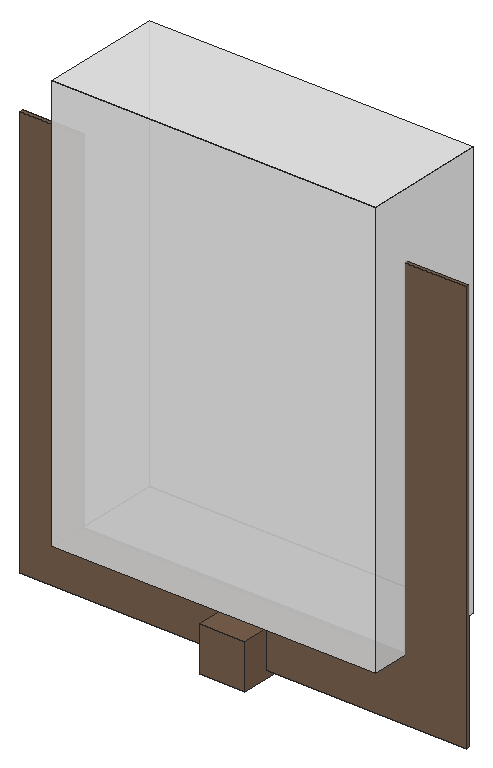
Revit family "3-523-xx Pathways Wall Sconce", category Lighting Fixtures, host Wall, Revit 2018
Family settings
  Host = Wall
  Round Connector Dimension = Use Diameter
  Part Type = Normal
  OmniClass Number = 23.80.70.00
  OmniClass Title = Lighting
  Always vertical = Yes
  Cut with Voids When Loaded = No
  Light Source = Yes
  Shared = No
  Room Calculation Point = No
Parameters (values of type "3-523-295 / Old World - Matte White Acrylic")
  Wattage Comments = "1 x 10.1 W at 120 V"  # constant formula
  Wattage = 9.2903 W
  built-in parameter 1150110 = 1 (stored number, unit not read)
  Voltage Input = "120 V or 277 V - 50/60 Hz"  # constant formula
  Voltage = 120 V
  URL = "www.oxygenlighting.com"
  built-in parameter 1114217 = 1 (stored number, unit not read)
  built-in parameter 1150109 = 1 (stored number, unit not read)
  built-in parameter 1150134 = (empty or 0)
  built-in parameter 1150113 = 1 (stored number, unit not read)
  References = "Ref. 3 = 120 V / Ref. 37 = 277 V"  # constant formula
  Model = "3-523-2xx / Wall Sconce"  # constant formula
  Metal Finish = 95 - Old World
  Manufacturer = "Oxygen Lighting and Fans"  # constant formula
  Main Diffuser = Matte White Acrylic
  Lumens = 1380 lm
  built-in parameter 1150115 = 1 (stored number, unit not read)
  built-in parameter 1150105 = 109.82 (stored number, unit not read)
  Light Source Symbol Size = 24.00"
  built-in parameter 1150137 = (empty or 0)
  built-in parameter 1150139 = (empty or 0)
  built-in parameter 1150112 = 1 (stored number, unit not read)
  built-in parameter 1150114 = 1 (stored number, unit not read)
  Lamp = "LED Array"  # constant formula
  built-in parameter 1150132 = 2
  built-in parameter 1150102 = (empty or 0)
  built-in parameter 1150138 = (empty or 0)
  built-in parameter 1150107 = 3000 (stored number, unit not read)
  built-in parameter 1150106 = 1.0982 (stored number, unit not read)
  built-in parameter 1150104 = 13.8 (stored number, unit not read)
  Dimming Lamp Color Temperature Shift = <None>
  Color Filter = 16777215
  built-in parameter 1114218 = 1 (stored number, unit not read)
  built-in parameter 1150133 = 10 (stored number, unit not read)
Types (2): name | Metal Finish
  3-523-295 / Old World - Matte White Acrylic | 95 - Old World
  3-523-224 / Satin Nickel - Matte White Acrylic | 24 - Satin Nickel
Reference planes (in)
  plane 1: y = 0
  plane 2 "Light Source Axis (L/R)": x = 4.92126
  plane 3 "Light Source Axis (F/R)": y = 5.90551
  plane 4 "Light Source Elevation": z = 39
  plane 5: y = 2.95276
  plane 6: z = 47.79911
Text (in)
  text "Placement side" at (-70.3598, 43.96769, 0), in view "Ref. Level"
  text "Placement side" at (0, 83.08644, 117.56134), in view "Left"
  text "Placement side" at (0, 24.74324, 118.58137), in view "Right"
Dimensions and locks (in)
  locked: plane 4 "Light Source Elevation" to plane 6 at 8.79911
  locked: plane 3 "Light Source Axis (F/R)" to plane 5 at 2.95276
  aligned and locked: plane 1 to host wall
  aligned and locked: plane 2 "Light Source Axis (L/R)" to imposter light
  aligned and locked: plane 3 "Light Source Axis (F/R)" to imposter light
  aligned and locked: plane 4 "Light Source Elevation" to imposter light
  aligned and locked: plane 5 to host wall
  aligned and locked: plane 2 "Light Source Axis (L/R)" to nested 1
  aligned and locked: nested 1 to plane 5
  aligned and locked: plane 6 to nested 1
Nested families (in)
  nested 1: "Base" at (4.92126, 2.95276, 36.32576), type "Base"
Connectors (in)
  electrical at (4.92126, 2.95276, 39), driven by "Voltage"
    settings: on nested 1, index 1, voltage 120 V, apparent load 0 VA, apparent load phase1 0 VA, apparent load phase2 0 VA, apparent load phase3 0 VA, power factor 1, load classification "Other", number of poles 1, system type 31, power factor state 1, is connector primary yes, connector utility no, sub classification motor no, connector description ""
Definition of nested family "Base"
  Parameters (values of type "Family1")
    Metal Finish = none
    Main Diffuser = none
  Reference planes (in)
    plane 1 "Center (Front/Back)": y = 0
    plane 2: z = 0
    plane 3 "Center (Left/Right)": x = 0
  Forms (in)
    Extrusion 1, solid, material <- "Main Diffuser"
      sketch origin (0, 0, 0) x (1, 0, 0) y (0, 1, 0)
        loop
          line (-6.815, 5.17595) -> (-6.815, 0) -> (6.815, 0) -> (6.815, 5.17595) -> (-6.815, 5.17595)
      from -6.12487 to 11.47335
    Extrusion 2, solid, material <- "Metal Finish"
      sketch origin (0, 0, 0) x (1, 0, 0) y (0, 0, 1)
        loop
          line (-6.815, 8.71285) -> (-9.40297, 8.71285) -> (-9.40297, -8.71285) -> (9.40297, -8.71285) -> (9.40297, 8.71285) -> (6.815, 8.71285) -> (6.815, -6.12487) -> (-6.815, -6.12487) -> (-6.815, 8.71285)
      from -1.67931 to -1.55279
    Extrusion 3, solid, material <- "Metal Finish"
      sketch origin (0, 0, 0) x (1, 0, 0) y (0, 0, 1)
        loop
          line (-0.94892, -7.17157) -> (-0.94892, -9.06941) -> (0.94892, -9.06941) -> (0.94892, -7.17157) -> (-0.94892, -7.17157)
      from -2.36943 to -0.47159
  Cuts and joins
    joined: Extrusion 2, Extrusion 3
  Dimensions and locks (in)
    aligned and locked: level to plane 2
